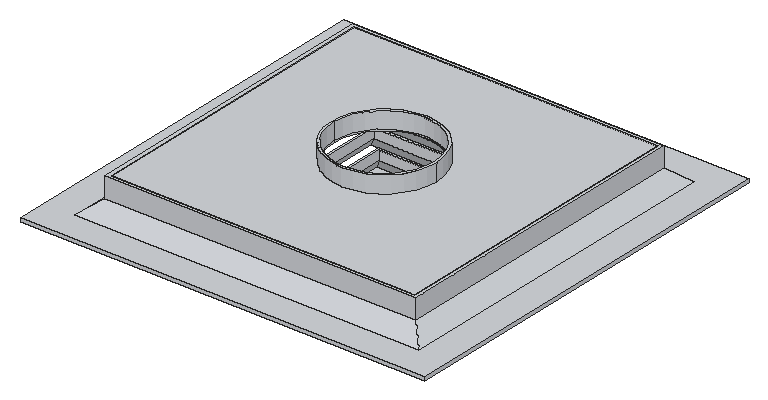
Revit family "Square Diffuser-Round Neck-Extract", category Air Terminals, Revit 2013
Parameters (values of type "600x600-Square Diffuser-Round Neck-Extract")
  UpFlowArrow [instance] = yes
  Spigot Radius [instance] = Spigot Diameter / 2  # 75 mm
  Spigot Outside Radius [instance] = Spigot Radius + 3.0 mm  # 78 mm
  Spigot Diameter [instance] = if(Air Flow < 31.0 L/s, 100.0 mm, if(Air Flow < 71.0 L/s, 150.0 mm, if(Air Flow < 121.0 L/s, 200.0 mm, if(Air Flow < 201.0 L/s, 250.0 mm, 300.0 mm))))  # 150 mm
  Pressure Drop [instance] = 14.0 Pa
  RightFlowArrow [instance] = yes
  Max Flow = 0.0 L/s
  LeftFlowArrow [instance] = yes
  Flow [instance] = 70.0 L/s
  Diffuser Service [instance] = "ED"
  Diffuser Neck Length = 450 mm
  Diffuser Neck Width = 450 mm
  DownFlowArrow [instance] = yes
  Diffuser Total Length = Diffuser Neck Length + 150.0 mm  # 600.0 mm
  Diffuser Total Width = Diffuser Neck Width + 150.0 mm  # 600.0 mm
  Description = ""
  Assembly Code = ""
  Air Flow [instance] = Flow  # 70.0 L/s
Types (5, lengths in mm): name | Spigot Radius | Spigot Outside Radius | Spigot Diameter | Flow | Diffuser Neck Length | Diffuser Neck Width | Diffuser Total Length | Diffuser Total Width | Air Flow
  600x600-Square Diffuser-Round Neck-Extract | 75 | 78 | 150 | 70.0 L/s | 450 | 450 | 600.0 | 600.0 | 70.0 L/s
  450x450-Square Diffuser-Round Neck-Extract | 75 | 78 | 150 | 70.0 L/s | 300 | 300 | 450.0 | 450.0 | 70.0 L/s
  300x300-Square Diffuser-Round Neck-Extract | 100 | 103 | 200 | 75.0 L/s | 225 | 225 | 375.0 | 375.0 | 75.0 L/s
  375x375-Square Diffuser-Round Neck-Extract | 75 | 78 | 150 | 70.0 L/s | 225 | 225 | 375.0 | 375.0 | 70.0 L/s
  525x525-Square Diffuser-Round Neck-Extract | 100 | 103 | 200 | 95.0 L/s | 375 | 375 | 525.0 | 525.0 | 95.0 L/s
Reference planes
  plane 1 "Center (Front/Back)": y = 0
  plane 2: z = 0
  plane 3 "Center (Left/Right)": x = 0
  plane 4: x = -225
  plane 5: x = 225
  plane 6: x = -230
  plane 7: x = 230
  plane 8: y = 225
  plane 9: y = -225
  plane 10: y = 230
  plane 11: y = -230
  plane 12: z = -5
  plane 13: x = -255
  plane 14: x = -300
  plane 15: x = 255
  plane 16: x = 300
  plane 17: z = 20
  plane 18: z = 50
  plane 19: y = 350
  plane 20: x = 350
  plane 21: y = -350
  plane 22: x = -350
Forms (mm)
  Sweep 1, solid
    path origin (0, 0, 0) x (1, 0, 0) y (0, 1, 0)
      loop
        line (-230, -230) -> (230, -230) -> (230, 230) -> (-230, 230) -> (-230, -230)
    profile origin (-230, 0, 0) x (-1, 0, 0) y (0, 0, 1)
      loop
        line (70, -5) -> (70, 0) -> (25, 0) -> (0, 20) -> (0, 50) -> (-5, 50) -> (-5, 17.597) -> (23.246, -5) -> (70, -5)
  Sweep 2, solid
    path origin (0, 0, 0) x (1, 0, 0) y (0, 1, 0)
      loop
        line (-212.5, -212.5) -> (212.5, -212.5) -> (212.5, 212.5) -> (-212.5, 212.5) -> (-212.5, -212.5)
    profile "Sq Diff Fins : Sq Diff Fins" origin (-212.5, 0, 0) x (-1, 0, 0) y (0, 0, 1)
      loop
        line (0, -5) -> (-22, 20) -> (-22, 35) -> (-25, 35) -> (-25, 20) -> (-3.5, -5) -> (0, -5)
  Sweep 3, solid
    path origin (0, 0, 0) x (1, 0, 0) y (0, 1, 0)
      loop
        line (-175, -175) -> (175, -175) -> (175, 175) -> (-175, 175) -> (-175, -175)
    profile "Sq Diff Fins : Sq Diff Fins" origin (-175, 0, 0) x (-1, 0, 0) y (0, 0, 1)
      loop
        line (0, -5) -> (-22, 20) -> (-22, 35) -> (-25, 35) -> (-25, 20) -> (-3.5, -5) -> (0, -5)
  Sweep 4, solid
    path origin (0, 0, 0) x (1, 0, 0) y (0, 1, 0)
      loop
        line (-137.5, -137.5) -> (137.5, -137.5) -> (137.5, 137.5) -> (-137.5, 137.5) -> (-137.5, -137.5)
    profile "Sq Diff Fins : Sq Diff Fins" origin (-137.5, 0, 0) x (-1, 0, 0) y (0, 0, 1)
      loop
        line (0, -5) -> (-22, 20) -> (-22, 35) -> (-25, 35) -> (-25, 20) -> (-3.5, -5) -> (0, -5)
  Sweep 5, solid
    path origin (0, 0, 0) x (1, 0, 0) y (0, 1, 0)
      loop
        line (-100, -100) -> (100, -100) -> (100, 100) -> (-100, 100) -> (-100, -100)
    profile "Sq Diff Fins : Sq Diff Fins" origin (-100, 0, 0) x (-1, 0, 0) y (0, 0, 1)
      loop
        line (0, -5) -> (-22, 20) -> (-22, 35) -> (-25, 35) -> (-25, 20) -> (-3.5, -5) -> (0, -5)
  Sweep 6, solid
    path origin (0, 0, 0) x (1, 0, 0) y (0, 1, 0)
      loop
        line (-62.5, -62.5) -> (62.5, -62.5) -> (62.5, 62.5) -> (-62.5, 62.5) -> (-62.5, -62.5)
    profile "Sq Diff Fins : Sq Diff Fins" origin (-62.5, 0, 0) x (-1, 0, 0) y (0, 0, 1)
      loop
        line (0, -5) -> (-22, 20) -> (-22, 35) -> (-25, 35) -> (-25, 20) -> (-3.5, -5) -> (0, -5)
  Extrusion 7, solid
    sketch origin (0, 0, 0) x (1, 0, 0) y (0, 1, 0)
      loop
        line (-62.5, -62.5) -> (62.5, -62.5) -> (62.5, 62.5) -> (-62.5, 62.5) -> (-62.5, -62.5)
    from -5 to -4
  Extrusion 8, solid
    sketch origin (0, 0, 0) x (1, 0, 0) y (0, 1, 0)
      loop
        line (-225, -225) -> (225, -225) -> (225, 225) -> (-225, 225) -> (-225, -225)
    from 50 to 48
  Extrusion 9, solid
    sketch origin (0, 0, 0) x (1, 0, 0) y (0, 1, 0)
      loop
        circle (0, 0) r 75
      loop
        circle (0, 0) r 78
    from 50 to 75
  Extrusion 10, void
    sketch origin (0, 0, 0) x (1, 0, 0) y (0, 1, 0)
      loop
        circle (0, 0) r 75
    from 50 to 47
Cuts and joins
  Extrusion 10 cuts Extrusion 8
Lines and regions (mm)
  symbolic lines
    curve 1: line (-300, 300, 0) -> (300, 300, 0)
    curve 2: line (-300, -300, 0) -> (-300, 300, 0)
    curve 3: line (300, -300, 0) -> (-300, -300, 0)
    curve 4: line (300, 300, 0) -> (300, -300, 0)
    curve 5: line (300, 300, 0) -> (-300, -300, 0)
Dimensions and locks
  equal spacing: plane 5, plane 3 "Center (Left/Right)", plane 4
  "Diffuser Neck Length": plane 5 to plane 4
  locked: plane 6 to plane 4 at 5
  locked: plane 7 to plane 5 at 5
  equal spacing: plane 8, plane 1 "Center (Front/Back)", plane 9
  "Diffuser Neck Width": plane 8 to plane 9
  locked: plane 9 to plane 11 at 5
  locked: plane 10 to plane 8 at 5
  locked: level to plane 12 at 5
  locked: plane 4 to plane 13 at 30
  locked: plane 13 to plane 14 at 45
  locked: plane 15 to plane 5 at 30
  locked: plane 16 to plane 15 at 45
  locked: plane 17 to level at 20
  locked: plane 18 to plane 17 at 30
  plane 5 to plane 20 = 125.0 mm
  plane 22 to plane 4 = 125.0 mm
  plane 19 to plane 8 = 125.0 mm
  plane 9 to plane 21 = 125.0 mm
  "Spigot Radius": radius of Extrusion 9 sketch curve
  "Spigot Outside Radius": radius of Extrusion 9 sketch curve
  "Spigot Radius": radius of Extrusion 10 sketch curve
  aligned and locked: plane 20 to nested 1
  aligned and locked: plane 19 to nested 2
  aligned and locked: nested 3 to plane 22
  aligned and locked: nested 4 to plane 21
Automatic sketch dimensions
  Sweep 1 sketch curve to plane 10 = 0.0 mm
  Sweep 1 sketch curve to plane 6 = 0.0 mm
  Sweep 1 sketch curve to plane 7 = 0.0 mm
  Sweep 1 sketch curve to plane 11 = 0.0 mm
  Sweep 1 sketch curve to profile plane = 0.0 mm
  Sweep 1 sketch curve to level = 0.0 mm
  Sweep 1 sketch curve to Sweep 1 sketch curve = 5.0 mm
  Sweep 1 sketch curve to profile plane = 25.0 mm
  Sweep 1 sketch curve to Sweep 1 sketch curve = 45.0 mm
  Sweep 1 sketch curve to level = 5.0 mm
  Sweep 1 sketch curve to Sweep 1 sketch curve = 1.754 mm
  level to Sweep 1 sketch curve = 20.0 mm
  Sweep 1 sketch curve to Sweep 1 sketch curve = 30.0 mm
  Sweep 1 sketch curve to Sweep 1 sketch curve = 2.403 mm
  Sweep 2 sketch curve to plane 8 = 12.5 mm
  plane 4 to Sweep 2 sketch curve = 12.5 mm
  plane 9 to Sweep 2 sketch curve = 12.5 mm
  Sweep 2 sketch curve to plane 5 = 12.5 mm
  plane 4 to Sweep 3 sketch curve = 50.0 mm
  Sweep 3 sketch curve to plane 8 = 50.0 mm
  Sweep 3 sketch curve to plane 5 = 50.0 mm
  plane 9 to Sweep 3 sketch curve = 50.0 mm
  plane 4 to Sweep 4 sketch curve = 87.5 mm
  Sweep 4 sketch curve to plane 8 = 87.5 mm
  Sweep 4 sketch curve to plane 5 = 87.5 mm
  plane 9 to Sweep 4 sketch curve = 87.5 mm
  Sweep 5 sketch curve to plane 3 "Center (Left/Right)" = 100.0 mm
  Sweep 5 sketch curve to plane 1 "Center (Front/Back)" = 100.0 mm
  plane 3 "Center (Left/Right)" to Sweep 5 sketch curve = 100.0 mm
  plane 1 "Center (Front/Back)" to Sweep 5 sketch curve = 100.0 mm
  Sweep 6 sketch curve to plane 3 "Center (Left/Right)" = 62.5 mm
  Sweep 6 sketch curve to plane 1 "Center (Front/Back)" = 62.5 mm
  plane 3 "Center (Left/Right)" to Sweep 6 sketch curve = 62.5 mm
  plane 1 "Center (Front/Back)" to Sweep 6 sketch curve = 62.5 mm
  Extrusion 7 sketch curve to plane 3 "Center (Left/Right)" = 62.5 mm
  plane 1 "Center (Front/Back)" to Extrusion 7 sketch curve = 62.5 mm
  plane 3 "Center (Left/Right)" to Extrusion 7 sketch curve = 62.5 mm
  Extrusion 7 sketch curve to plane 1 "Center (Front/Back)" = 62.5 mm
  Extrusion 8 sketch curve to plane 4 = 0.0 mm
  Extrusion 8 sketch curve to plane 5 = 0.0 mm
  Extrusion 8 sketch curve to plane 9 = 0.0 mm
  Extrusion 8 sketch curve to plane 8 = 0.0 mm
  Extrusion 9 sketch curve to Extrusion 9 sketch curve = 0.0 mm  (x2)
  Extrusion 9 sketch curve to plane 1 "Center (Front/Back)" = 0.0 mm
  Extrusion 9 sketch curve to plane 3 "Center (Left/Right)" = 0.0 mm
  Extrusion 10 sketch curve to plane 1 "Center (Front/Back)" = 0.0 mm
  Extrusion 10 sketch curve to plane 3 "Center (Left/Right)" = 0.0 mm
  curve 1 to plane 14 = 0.0 mm
  plane 21 to curve 3 = 50.0 mm
  curve 4 to plane 19 = 50.0 mm
  curve 4 to plane 16 = 0.0 mm
Nested families
  nested 1: "RDIFF-ARR" at (350, 0, 0), visible <- "RightFlowArrow", type "Return Diffuser Arrow"
  nested 2: "RDIFF-ARR" at (0, 350, 0) x (0, 1, 0) z (0, 0, 1), visible <- "UpFlowArrow", type "Return Diffuser Arrow"
  nested 3: "RDIFF-ARR" at (-350, 0, 0) x (-1, 0, 0) z (0, 0, 1), visible <- "LeftFlowArrow", type "Return Diffuser Arrow"
  nested 4: "RDIFF-ARR" at (0, -350, 0) x (0, -1, 0) z (0, 0, 1), visible <- "DownFlowArrow", type "Return Diffuser Arrow"
Connectors
  hvac at (0, 0, 75), driven by "Spigot Radius"
    settings: on Extrusion 9, index 1, duct flow 0.0 L/s, flow factor 0, pres drop 0.0 Pa, loss coef 0, conn angle 0.00°, conn width 304.8 mm, conn height 304.8 mm, conn radius 75 mm, duct sys type 3, conn prof type 0, flow config 0, flow direction 0, loss method 0, conn ref index -1, conn util no, is conn primary yes, conn desc ""
Definition of nested family "RDIFF-ARR"
  Parameters (values of type "Return Diffuser Arrow")
    Width = (Length / 2) / cos(15.00°)  # 310.583 mm
    Length = 600 mm
  Reference planes
    plane 1 "Center (Front/Back)": y = 0
    plane 2: z = 0
    plane 3 "Center (Left/Right)": x = 0
  Lines and regions (mm)
    Filled region 1, type "Solid Fill - Black", in view "Ref. Level"
      outline origin (0, 0, 0) x (1, 0, 0) y (0, 1, 0)
        loop
          line (0, 0) -> (100, -40.402) -> (100, -8) -> (151.671, -8) -> (165.59, -65.605) -> (187.478, 22.181) -> (196.132, -8) -> (250, -8) -> (250, 8) -> (200.771, 8) -> (186.785, 60.601) -> (165.359, -25.334) -> (156.736, 8) -> (100.118, 8) -> (100.118, 40.45) -> (0, 0)
    detail lines, in view "Ref. Level"
      curve 1: line (0, 0, 0) -> (100.118, 40.45, 0)
      curve 2: line (100.118, 40.45, 0) -> (100.118, 8, 0)
      curve 3: line (100.118, 8, 0) -> (156.736, 8, 0)
      curve 4: line (156.736, 8, 0) -> (165.359, -25.334, 0)
      curve 5: line (165.359, -25.334, 0) -> (186.785, 60.601, 0)
      curve 6: line (186.785, 60.601, 0) -> (200.771, 8, 0)
      curve 7: line (200.771, 8, 0) -> (250, 8, 0)
      curve 8: line (250, 8, 0) -> (250, -8, 0)
      curve 9: line (250, -8, 0) -> (196.132, -8, 0)
      curve 10: line (196.132, -8, 0) -> (187.478, 22.181, 0)
      curve 11: line (187.478, 22.181, 0) -> (165.59, -65.605, 0)
      curve 12: line (165.59, -65.605, 0) -> (151.671, -8, 0)
      curve 13: line (151.671, -8, 0) -> (100, -8, 0)
      curve 14: line (100, -8, 0) -> (100, -40.402, 0)
      curve 15: line (0, 0, 0) -> (100, -40.402, 0)
